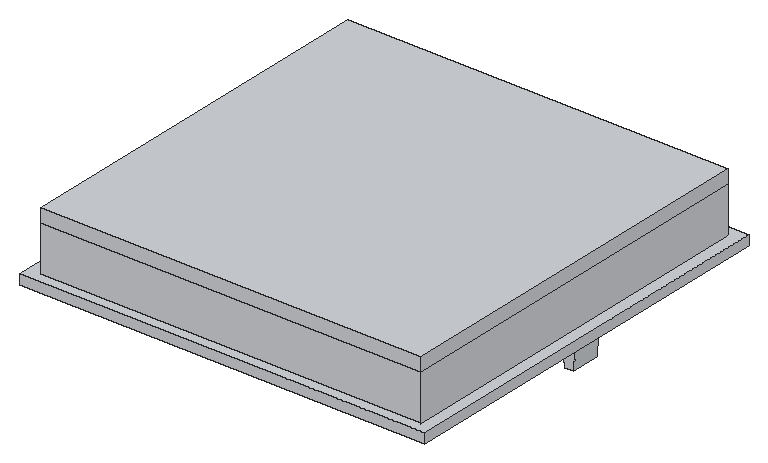
Revit family "Gira_067667", category Electrical Fixtures, host Face, Revit 2017
Family settings
  Host = Face
  Maintain Annotation Orientation = No
  Round Connector Dimension = Use Diameter
  Part Type = Normal
  Cut with Voids When Loaded = No
  Shared = No
  Room Calculation Point = No
Parameters (values of type "Rocker in.sp. Gira TX_44 (WP FM) anthra.")
  With exchangeable lens/symbol = "No"
  URL = "http://katalog.gira.de/en/datenblatt.html?artikelnr=067667"
  Suitable for touch sensor connector for bus system = "No"
  Scannable symbol / barrier free = "No"
  Name = "Rocker in.sp. Gira TX_44 (WP FM) anthra."
  Monitoring window/light outlet = "No"
  Model = "Single rocker"
  Manufacturer URL = "https://www.gira.de/"
  Manufacturer = "Gira"
  Keynote = ""
  HeinzeBIM = "https://bimportal.heinze.de/bim/rocker-in-sp-gira-tx-44-wp-fm-anthra-/d3ce9bbda067f0c8fadc0b26d8f430b8983bad8a"
  HAN = "067667"
  GTIN = "4010337676676"
  Description = "Rock.in.sp. TX_44 AN,Rocker with inscription space,,anthracite,Notes :,- Theft-prevention implemented via optional screw-in clamp piece. This makes plugging of cover frame unnecessary."
  Default Elevation = 1219.2 mm
  Data sheet (1) = "https://katalog.gira.de/en/download.html?artikelnr=067667"
  Category = "Control element/cover plate for domestic switching devices"
  BIM (1) = "https://media.stage.bim.site/public/gira/36a6b08/TX44_Abdeckung_Schalten und Tasten.rfa?public/gira/36a6b08/TX44_Abdeckung_Schalten und Tasten.rfa"
  Available = "No"
Reference planes
  plane 1 "Center (Front/Back)": y = 0
  plane 2: z = 0
  plane 3 "Center (Left/Right)": x = 0
Forms (mm)
  Extrusion 1, solid, detail levels fine
    sketch origin (0, 0, 0) x (1, 0, 0) y (0, 1, 0)
      loop
        line (34.85, 34.85) -> (-34.85, 34.85) -> (-34.85, -34.85) -> (34.85, -34.85) -> (34.85, 34.85)
      loop
        line (-31.45, 31.8) -> (-31.45, -31.8) -> (31.45, -31.8) -> (31.45, 31.8) -> (-31.45, 31.8)
    from 0 to 1.7
  Extrusion 2, solid, detail levels fine
    sketch origin (0, 0, 0) x (1, 0, 0) y (0, 1, 0)
      loop
        line (32.8, 33.05) -> (-32.8, 33.05) -> (-32.8, -33.05) -> (32.8, -33.05) -> (32.8, 33.05)
      loop
        line (-31.45, 31.8) -> (-31.45, -31.8) -> (31.45, -31.8) -> (31.45, 31.8) -> (-31.45, 31.8)
    from 1.566 to 9.515
  Extrusion 3, solid, detail levels fine
    sketch origin (0, 0, 0) x (1, 0, 0) y (0, 1, 0)
      loop
        line (32.8, 33.05) -> (-32.8, 33.05) -> (-32.8, -33.05) -> (32.8, -33.05) -> (32.8, 33.05)
    from 9.515 to 11.816
  Extrusion 4, solid, detail levels fine
    sketch origin (0, 0, 0) x (1, 0, 0) y (0, 0, 1)
      loop
        line (-32.815, 0) -> (-34.827, 0) -> (-34.611, -3.084) -> (-33.031, -3.084) -> (-32.815, 0)
      loop
        line (32.815, 0) -> (33.031, -3.084) -> (34.611, -3.084) -> (34.827, 0) -> (32.815, 0)
    from -2.513 to 2.5
  Extrusion 5, solid, detail levels fine
    sketch origin (0, 0, 0) x (1, 0, 0) y (0, 1, 0)
      loop
        spline (-23.686, 23.152) -> (-23.856, 23.114) -> (-24.022, 23.062) -> (-24.184, 22.995) -> (-24.338, 22.915) -> (-24.486, 22.821) -> (-24.624, 22.715) -> (-24.753, 22.597) -> (-24.87, 22.468) -> (-24.977, 22.33) -> (-25.07, 22.183) -> (-25.151, 22.028) -> (-25.218, 21.867)
        line (-25.218, 21.867) -> (-29.35, 10.513) -> (-29.35, -10.487) -> (-25.218, -21.841)
        spline (-25.218, -21.841) -> (-25.151, -22.002) -> (-25.07, -22.156) -> (-24.977, -22.304) -> (-24.87, -22.442) -> (-24.753, -22.571) -> (-24.624, -22.688) -> (-24.486, -22.795) -> (-24.338, -22.888) -> (-24.184, -22.969) -> (-24.022, -23.036) -> (-23.856, -23.088) -> (-23.686, -23.126)
        line (-23.686, -23.126) -> (0, -27.302) -> (23.686, -23.126)
        spline (23.686, -23.126) -> (23.856, -23.088) -> (24.022, -23.036) -> (24.184, -22.969) -> (24.338, -22.888) -> (24.486, -22.795) -> (24.624, -22.688) -> (24.753, -22.571) -> (24.87, -22.442) -> (24.977, -22.304) -> (25.07, -22.156) -> (25.151, -22.002) -> (25.218, -21.841)
        line (25.218, -21.841) -> (29.35, -10.487) -> (29.35, 10.513) -> (25.218, 21.867)
        spline (25.218, 21.867) -> (25.151, 22.028) -> (25.07, 22.183) -> (24.977, 22.33) -> (24.87, 22.468) -> (24.753, 22.597) -> (24.624, 22.715) -> (24.486, 22.821) -> (24.338, 22.915) -> (24.184, 22.995) -> (24.022, 23.062) -> (23.856, 23.114) -> (23.686, 23.152)
        line (23.686, 23.152) -> (0, 27.328) -> (-23.686, 23.152)
      loop
        line (-24.278, 21.525) -> (-28.35, 10.337) -> (-28.35, -10.311) -> (-24.278, -21.498)
        spline (-24.278, -21.498) -> (-24.245, -21.579) -> (-24.204, -21.656) -> (-24.157, -21.73) -> (-24.104, -21.799) -> (-24.045, -21.863) -> (-23.981, -21.922) -> (-23.912, -21.976) -> (-23.838, -22.022) -> (-23.761, -22.063) -> (-23.68, -22.096) -> (-23.597, -22.122) -> (-23.512, -22.141)
        line (-23.512, -22.141) -> (0, -26.287) -> (23.512, -22.141)
        spline (23.512, -22.141) -> (23.597, -22.122) -> (23.68, -22.096) -> (23.761, -22.063) -> (23.838, -22.022) -> (23.912, -21.976) -> (23.981, -21.922) -> (24.045, -21.863) -> (24.104, -21.799) -> (24.157, -21.73) -> (24.204, -21.656) -> (24.245, -21.579) -> (24.278, -21.498)
        line (24.278, -21.498) -> (28.35, -10.311) -> (28.35, 10.337) -> (24.278, 21.525)
        spline (24.278, 21.525) -> (24.245, 21.605) -> (24.204, 21.683) -> (24.157, 21.756) -> (24.104, 21.825) -> (24.045, 21.89) -> (23.981, 21.949) -> (23.912, 22.002) -> (23.838, 22.048) -> (23.761, 22.089) -> (23.68, 22.122) -> (23.597, 22.148) -> (23.512, 22.167)
        line (23.512, 22.167) -> (0, 26.313) -> (-23.512, 22.167)
        spline (-23.512, 22.167) -> (-23.597, 22.148) -> (-23.68, 22.122) -> (-23.761, 22.089) -> (-23.838, 22.048) -> (-23.912, 22.002) -> (-23.981, 21.949) -> (-24.045, 21.89) -> (-24.104, 21.825) -> (-24.157, 21.756) -> (-24.204, 21.683) -> (-24.245, 21.605) -> (-24.278, 21.525)
    from 4.866 to 9.515
  Extrusion 6, solid, detail levels fine
    sketch origin (0, 0, 0) x (1, 0, 0) y (0, 1, 0)
      loop
        arc (0, 8.51) -> (-1.055, 8.223) -> (-1.717, 7.352) r 1.7
        line (-1.717, 7.352) -> (-2.205, 5.894) -> (-2.205, 4.213) -> (-4.36, 4.213)
        arc (-4.36, 4.213) -> (-4.865, 4.091) -> (-5.257, 3.75) r 1.1
        arc (-5.257, 3.75) -> (-6.02, 2.328) -> (-6.406, 0.761) r 6.45
        arc (-6.406, 0.761) -> (-6.7, 0.013) -> (-6.406, -0.735) r 1.1
        arc (-6.406, -0.735) -> (-6.02, -2.302) -> (-5.257, -3.724) r 6.45
        arc (-5.257, -3.724) -> (-4.865, -4.064) -> (-4.36, -4.187) r 1.1
        line (-4.36, -4.187) -> (-2.1, -4.187) -> (-2.1, -5.243)
        arc (-2.1, -5.243) -> (-1.847, -5.944) -> (-1.206, -6.323) r 1.1
        arc (-1.206, -6.323) -> (0, -6.437) -> (1.206, -6.323) r 6.45
        arc (1.206, -6.323) -> (1.847, -5.944) -> (2.1, -5.243) r 1.1
        line (2.1, -5.243) -> (2.1, -4.187) -> (4.36, -4.187)
        arc (4.36, -4.187) -> (4.865, -4.064) -> (5.257, -3.724) r 1.1
        arc (5.257, -3.724) -> (6.02, -2.302) -> (6.406, -0.735) r 6.45
        arc (6.406, -0.735) -> (6.7, 0.013) -> (6.406, 0.761) r 1.1
        arc (6.406, 0.761) -> (6.02, 2.328) -> (5.257, 3.75) r 6.45
        arc (5.257, 3.75) -> (4.865, 4.091) -> (4.36, 4.213) r 1.1
        line (4.36, 4.213) -> (2.205, 4.213) -> (2.205, 5.894) -> (1.717, 7.352)
        arc (1.717, 7.352) -> (1.055, 8.223) -> (0, 8.51) r 1.7
    from -6.834 to 9.515
  Extrusion 7, solid, detail levels coarse
    sketch origin (0, 0, 0) x (1, 0, 0) y (0, 1, 0)
      loop
        line (34.85, 34.85) -> (-34.85, 34.85) -> (-34.85, -34.85) -> (34.85, -34.85) -> (34.85, 34.85)
    from -6.834 to 11.816
  Extrusion 8, solid, detail levels medium
    sketch origin (0, 0, 0) x (1, 0, 0) y (0, 1, 0)
      loop
        line (32.8, 33.05) -> (-32.8, 33.05) -> (-32.8, -33.05) -> (32.8, -33.05) -> (32.8, 33.05)
    from 1.566 to 11.816
  Extrusion 9, solid, detail levels medium
    sketch origin (0, 0, 0) x (1, 0, 0) y (0, 1, 0)
      loop
        line (34.85, 34.85) -> (-34.85, 34.85) -> (-34.85, -34.85) -> (34.85, -34.85) -> (34.85, 34.85)
    from 0 to 1.7
  Extrusion 10, solid, detail levels medium
    sketch origin (0, 0, 0) x (1, 0, 0) y (0, 1, 0)
      loop
        circle (0, 1.036) r 7.473
    from -6.834 to 9.515
  Extrusion 11, solid, detail levels medium
    sketch origin (0, 0, 0) x (1, 0, 0) y (0, 0, 1)
      loop
        line (-32.815, -3.084) -> (-32.815, 0) -> (-34.827, 0) -> (-34.827, -3.084) -> (-32.815, -3.084)
      loop
        line (32.815, -3.084) -> (34.827, -3.084) -> (34.827, 0) -> (32.815, 0) -> (32.815, -3.084)
    from -2.513 to 2.5
Dimensions and locks
  aligned and locked: plane 2 to host face
  aligned and locked: level to host face
